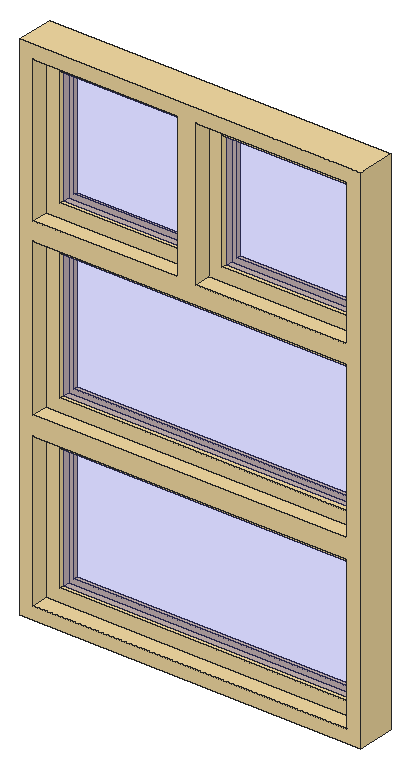
Revit family "4667V-COto 62", category Windows, host Wall, Revit 2016
Family settings
  Host = Wall
  OmniClass Number = 23.30.20.00
  OmniClass Title = Windows
  Always vertical = Yes
  Cut with Voids When Loaded = No
  Shared = No
  Room Calculation Point = No
Parameters (values of type "1188x1788mm")
  top 4 [instance] = yes
  top 3 [instance] = yes
  top 2 [instance] = yes
  top 1 [instance] = yes
  right 4 [instance] = no
  right 2 [instance] = no
  right 1 [instance] = no
  right 3 [instance] = no
  left 4 [instance] = no
  left 3 [instance] = no
  left 2 [instance] = no
  left 1 [instance] = no
  Sash 4 [instance] = or(top 4, right 4, left 4)  # yes
  Sash 3 [instance] = or(top 3, right 3, left 3)  # yes
  Sash 2 [instance] = or(top 2, right 2, left 2)  # yes
  Sash 1 [instance] = or(top 1, right 1, left 1)  # yes
  Rough Width = Width + 2 * Joint  # 1212 mm
  Rough Height = Height + 2 * Joint  # 1812 mm
  Offset from wall = 40 mm
  Mullion 3 Placement = 594 mm
  Mullion 1 Placement = 596 mm
  Mullion 2 Placement = 1192 mm
  Manufacturer = "www.kronevinduer.dk"
  Joint = 12 mm
  Height = 1788 mm
  Frame 176mm [instance] = no
  Frame 157mm [instance] = no
  Default Sill Height = 800 mm
  Wall Closure = By host
  Width = 1188 mm
Reference planes
  plane 1 "Center (Front/Back)": y = 0
  plane 2 "Center (Left/Right)": x = 0
  plane 3 "Left": x = -594
  plane 4 "Right": x = 594
  plane 5 "Sill": z = 800
  plane 6 "Head": z = 2588
  plane 7 "Exterior": y = 100
  plane 8 "Interior": y = -100
  plane 9: y = 60
  plane 10: x = 582
  plane 11: x = -582
  plane 12: z = 812
  plane 13: z = 2576
  plane 14: z = 1694
  plane 15: z = 2004
  plane 16: z = 1408
  plane 17: z = 2290
  plane 18: z = 1706
  plane 19: z = 1110
  plane 20: x = -12
  plane 21: x = 285
  plane 22: x = -297
Forms (mm)
  Sweep 1, solid, material "Wood frame"
    path origin (0, 100, 0) x (1, 0, 0) y (0, 0, 1)
      loop
        line (582, 812) -> (582, 2576) -> (-582, 2576) -> (-582, 812) -> (582, 812)
    profile "COto 62 træ-alu,karm- fast glas 45mm : COto 62 træ-alu,karm- fast glas 45mm" origin (0, 100, 812) x (0, 0, -1) y (0, -1, 0)
      loop
        line (0, 170) -> (-45, 170) -> (-45, 99) -> (-27, 99) -> (-27, 51) -> (-45, 51) -> (-45, 40) -> (0, 40) -> (0, 170)
  Sweep 2, solid, material "Wood frame", visible <- "Frame 157mm"
    path origin (0, 100, 0) x (1, 0, 0) y (0, 0, 1)
      loop
        line (582, 812) -> (582, 2576) -> (-582, 2576) -> (-582, 812) -> (582, 812)
    profile "COto 62 træ-alu,karm- fast glas 45mm-157 : COto 62 træ-alu,karm- fast glas 45mm-157" origin (0, 100, 812) x (0, 0, -1) y (0, -1, 0)
      loop
        line (0, 197) -> (-45, 197) -> (-45, 99) -> (-27, 99) -> (-27, 51) -> (-45, 51) -> (-45, 40) -> (0, 40) -> (0, 197)
  Sweep 3, solid, material "Wood frame", visible <- "Frame 176mm"
    path origin (0, 100, 0) x (1, 0, 0) y (0, 0, 1)
      loop
        line (582, 812) -> (582, 2576) -> (-582, 2576) -> (-582, 812) -> (582, 812)
    profile "COto 62 træ-alu,karm- fast glas 45mm-176 : COto 62 træ-alu,karm- fast glas 45mm-176" origin (0, 100, 812) x (0, 0, -1) y (0, -1, 0)
      loop
        line (0, 216) -> (-45, 216) -> (-45, 99) -> (-27, 99) -> (-27, 51) -> (-45, 51) -> (-45, 40) -> (0, 40) -> (0, 216)
  Extrusion 4, solid, material "Glass"
    sketch origin (-594, 0, 0) x (0, -1, 0) y (0, 0, 1)
      loop
        line (-49, 839) -> (-1, 839) -> (-1, 2549) -> (-49, 2549) -> (-49, 839)
    from -1149 to -39
  Sweep 5, solid, material "Wood frame"
    path origin (0, 100, 0) x (1, 0, 0) y (0, 0, 1)
      loop
        line (582, 2004) -> (-582, 2004)
    profile "COto 62 træ-alu, Post-fast glas 63 mm : COto 62 træ-alu, Post-fast glas 63 mm" origin (0, 100, 2004) x (0, 0, -1) y (0, -1, 0)
      loop
        line (31.5, 170) -> (-31.5, 170) -> (-31.5, 99) -> (-13.5, 99) -> (-13.5, 51) -> (-31.5, 51) -> (-31.5, 40) -> (31.5, 40) -> (31.5, 51) -> (13.5, 51) -> (13.5, 99) -> (31.5, 99) -> (31.5, 170)
  Sweep 6, solid, material "Wood frame"
    path origin (0, 100, 0) x (1, 0, 0) y (0, 0, 1)
      loop
        line (582, 1408) -> (-582, 1408)
    profile "COto 62 træ-alu, Post-fast glas 63 mm : COto 62 træ-alu, Post-fast glas 63 mm" origin (0, 100, 1408) x (0, 0, -1) y (0, -1, 0)
      loop
        line (31.5, 170) -> (-31.5, 170) -> (-31.5, 99) -> (-13.5, 99) -> (-13.5, 51) -> (-31.5, 51) -> (-31.5, 40) -> (31.5, 40) -> (31.5, 51) -> (13.5, 51) -> (13.5, 99) -> (31.5, 99) -> (31.5, 170)
  Sweep 7, solid, material "Wood frame", visible <- "Frame 157mm"
    path origin (0, 100, 0) x (1, 0, 0) y (0, 0, 1)
      loop
        line (582, 2004) -> (-582, 2004)
    profile "COto 62 træ-alu, Post-fast glas 63 mm-157 : COto 62 træ-alu, Post-fast glas 63 mm-157" origin (0, 100, 2004) x (0, 0, -1) y (0, -1, 0)
      loop
        line (31.5, 197) -> (-31.5, 197) -> (-31.5, 99) -> (-13.5, 99) -> (-13.5, 51) -> (-31.5, 51) -> (-31.5, 40) -> (31.5, 40) -> (31.5, 51) -> (13.5, 51) -> (13.5, 99) -> (31.5, 99) -> (31.5, 197)
  Sweep 8, solid, material "Wood frame", visible <- "Frame 157mm"
    path origin (0, 100, 0) x (1, 0, 0) y (0, 0, 1)
      loop
        line (582, 1408) -> (-582, 1408)
    profile "COto 62 træ-alu, Post-fast glas 63 mm-157 : COto 62 træ-alu, Post-fast glas 63 mm-157" origin (0, 100, 1408) x (0, 0, -1) y (0, -1, 0)
      loop
        line (31.5, 197) -> (-31.5, 197) -> (-31.5, 99) -> (-13.5, 99) -> (-13.5, 51) -> (-31.5, 51) -> (-31.5, 40) -> (31.5, 40) -> (31.5, 51) -> (13.5, 51) -> (13.5, 99) -> (31.5, 99) -> (31.5, 197)
  Sweep 9, solid, material "Wood frame", visible <- "Frame 176mm"
    path origin (0, 100, 0) x (1, 0, 0) y (0, 0, 1)
      loop
        line (582, 1408) -> (-582, 1408)
    profile "COto 62 træ-alu, Post-fast glas 63 mm-176 : COto 62 træ-alu, Post-fast glas 63 mm-176" origin (0, 100, 1408) x (0, 0, -1) y (0, -1, 0)
      loop
        line (31.5, 216) -> (-31.5, 216) -> (-31.5, 99) -> (-13.5, 99) -> (-13.5, 51) -> (-31.5, 51) -> (-31.5, 40) -> (31.5, 40) -> (31.5, 51) -> (13.5, 51) -> (13.5, 99) -> (31.5, 99) -> (31.5, 216)
  Sweep 10, solid, material "Wood frame", visible <- "Frame 176mm"
    path origin (0, 100, 0) x (1, 0, 0) y (0, 0, 1)
      loop
        line (582, 2004) -> (-582, 2004)
    profile "COto 62 træ-alu, Post-fast glas 63 mm-176 : COto 62 træ-alu, Post-fast glas 63 mm-176" origin (0, 100, 2004) x (0, 0, -1) y (0, -1, 0)
      loop
        line (31.5, 216) -> (-31.5, 216) -> (-31.5, 99) -> (-13.5, 99) -> (-13.5, 51) -> (-31.5, 51) -> (-31.5, 40) -> (31.5, 40) -> (31.5, 51) -> (13.5, 51) -> (13.5, 99) -> (31.5, 99) -> (31.5, 216)
  Sweep 11, solid, material "Wood frame", visible <- "Sash 1"
    path origin (0, 100, 0) x (1, 0, 0) y (0, 0, 1)
      loop
        line (555, 839) -> (555, 1394.5) -> (-555, 1394.5) -> (-555, 839) -> (555, 839)
    profile "COto 62 træ-alu,opluk-ramme : COto 62 træ-alu,opluk-ramme" origin (0, 100, 839) x (0, 0, -1) y (0, -1, 0)
      loop
        line (0, 99) -> (-18, 99) -> (-18, 114) -> (-63, 114) -> (-63, 99) -> (-45, 99) -> (-45, 51) -> (-63, 51) -> (-63, 40) -> (0, 40) -> (0, 99)
  Sweep 12, solid, material "Wood frame", visible <- "Sash 2"
    path origin (0, 100, 0) x (1, 0, 0) y (0, 0, 1)
      loop
        line (555, 1421.5) -> (555, 1990.5) -> (-555, 1990.5) -> (-555, 1421.5) -> (555, 1421.5)
    profile "COto 62 træ-alu,opluk-ramme : COto 62 træ-alu,opluk-ramme" origin (0, 100, 1421.5) x (0, 0, -1) y (0, -1, 0)
      loop
        line (0, 99) -> (-18, 99) -> (-18, 114) -> (-63, 114) -> (-63, 99) -> (-45, 99) -> (-45, 51) -> (-63, 51) -> (-63, 40) -> (0, 40) -> (0, 99)
  Sweep 13, solid, material "Wood frame"
    path origin (0, 100, 0) x (1, 0, 0) y (0, 0, 1)
      loop
        line (-12, 2576) -> (-12, 2004)
    profile "COto 62 træ-alu, Post-fast glas 63 mm : COto 62 træ-alu, Post-fast glas 63 mm" origin (-12, 100, 2290) x (1, 0, 0) y (0, -1, 0)
      loop
        line (31.5, 170) -> (-31.5, 170) -> (-31.5, 99) -> (-13.5, 99) -> (-13.5, 51) -> (-31.5, 51) -> (-31.5, 40) -> (31.5, 40) -> (31.5, 51) -> (13.5, 51) -> (13.5, 99) -> (31.5, 99) -> (31.5, 170)
  Sweep 14, solid, material "Wood frame", visible <- "Frame 157mm"
    path origin (0, 100, 0) x (1, 0, 0) y (0, 0, 1)
      loop
        line (-12, 2576) -> (-12, 2004)
    profile "COto 62 træ-alu, Post-fast glas 63 mm-157 : COto 62 træ-alu, Post-fast glas 63 mm-157" origin (-12, 100, 2290) x (1, 0, 0) y (0, -1, 0)
      loop
        line (31.5, 197) -> (-31.5, 197) -> (-31.5, 99) -> (-13.5, 99) -> (-13.5, 51) -> (-31.5, 51) -> (-31.5, 40) -> (31.5, 40) -> (31.5, 51) -> (13.5, 51) -> (13.5, 99) -> (31.5, 99) -> (31.5, 197)
  Sweep 15, solid, material "Wood frame", visible <- "Frame 176mm"
    path origin (0, 100, 0) x (1, 0, 0) y (0, 0, 1)
      loop
        line (-12, 2004) -> (-12, 2576)
    profile "COto 62 træ-alu, Post-fast glas 63 mm-176 : COto 62 træ-alu, Post-fast glas 63 mm-176" origin (-12, 100, 2290) x (-1, 0, 0) y (0, -1, 0)
      loop
        line (31.5, 216) -> (-31.5, 216) -> (-31.5, 99) -> (-13.5, 99) -> (-13.5, 51) -> (-31.5, 51) -> (-31.5, 40) -> (31.5, 40) -> (31.5, 51) -> (13.5, 51) -> (13.5, 99) -> (31.5, 99) -> (31.5, 216)
  Sweep 16, solid, material "Wood frame", visible <- "Sash 3"
    path origin (0, 100, 0) x (1, 0, 0) y (0, 0, 1)
      loop
        line (555, 2017.5) -> (555, 2549) -> (1.5, 2549) -> (1.5, 2017.5) -> (555, 2017.5)
    profile "COto 62 træ-alu,opluk-ramme : COto 62 træ-alu,opluk-ramme" origin (278.25, 100, 2017.5) x (0, 0, -1) y (0, -1, 0)
      loop
        line (0, 99) -> (-18, 99) -> (-18, 114) -> (-63, 114) -> (-63, 99) -> (-45, 99) -> (-45, 51) -> (-63, 51) -> (-63, 40) -> (0, 40) -> (0, 99)
  Sweep 17, solid, material "Wood frame", visible <- "Sash 4"
    path origin (0, 100, 0) x (1, 0, 0) y (0, 0, 1)
      loop
        line (-25.5, 2017.5) -> (-25.5, 2549) -> (-555, 2549) -> (-555, 2017.5) -> (-25.5, 2017.5)
    profile "COto 62 træ-alu,opluk-ramme : COto 62 træ-alu,opluk-ramme" origin (-290.25, 100, 2017.5) x (0, 0, -1) y (0, -1, 0)
      loop
        line (0, 99) -> (-18, 99) -> (-18, 114) -> (-63, 114) -> (-63, 99) -> (-45, 99) -> (-45, 51) -> (-63, 51) -> (-63, 40) -> (0, 40) -> (0, 99)
Cuts and joins
  joined: Sweep 1, Sweep 5, Sweep 6, Sweep 13
  joined: Sweep 2, Sweep 7, Sweep 8, Sweep 14
  joined: Sweep 3, Sweep 9, Sweep 10, Sweep 15
Lines and regions (mm)
  Opening 1
    outline origin (3500, -100, 0) x (1, 0, 0) y (0, 0, 1)
      loop
        line (-2906, 800) -> (-2906, 2588) -> (-4094, 2588) -> (-4094, 800) -> (-2906, 800)
  symbolic lines
    curve 1: line (555, 100, 2549) -> (555, 100, 2302)
  symbolic lines, visible <- "top 2"
    curve 2: line (555, 100, 1990.5) -> (0, 100, 1421.5)
    curve 3: line (0, 100, 1421.5) -> (-555, 100, 1990.5)
  symbolic lines, visible <- "top 1"
    curve 4: line (555, 100, 1394.5) -> (0, 100, 839)
    curve 5: line (0, 100, 839) -> (-555, 100, 1394.5)
  symbolic lines, visible <- "left 2"
    curve 6: line (555, 100, 1990.5) -> (-555, 100, 1706)
    curve 7: line (-555, 100, 1706) -> (555, 100, 1421.5)
  symbolic lines, visible <- "right 2"
    curve 8: line (-555, 100, 1990.5) -> (555, 100, 1706)
    curve 9: line (555, 100, 1706) -> (-555, 100, 1421.5)
  symbolic lines, visible <- "left 1"
    curve 10: line (555, 100, 1394.5) -> (-555, 100, 1110)
    curve 11: line (-555, 100, 1110) -> (555, 100, 839)
  symbolic lines, visible <- "right 1"
    curve 12: line (-555, 100, 1394.5) -> (555, 100, 1110)
    curve 13: line (555, 100, 1110) -> (-555, 100, 839)
  symbolic lines, visible <- "top 3"
    curve 14: line (555, 100, 2549) -> (285, 100, 2017.5)
    curve 15: line (285, 100, 2017.5) -> (1.5, 100, 2549)
  symbolic lines, visible <- "top 4"
    curve 16: line (-25.5, 100, 2549) -> (-297, 100, 2017.5)
    curve 17: line (-297, 100, 2017.5) -> (-555, 100, 2549)
  symbolic lines, visible <- "left 3"
    curve 18: line (555, 100, 2549) -> (1.5, 100, 2290)
    curve 19: line (1.5, 100, 2290) -> (555, 100, 2017.5)
  symbolic lines, visible <- "left 4"
    curve 20: line (-25.5, 100, 2549) -> (-555, 100, 2290)
    curve 21: line (-555, 100, 2290) -> (-25.5, 100, 2017.5)
  symbolic lines, visible <- "right 3"
    curve 22: line (1.5, 100, 2549) -> (555, 100, 2290)
    curve 23: line (555, 100, 2290) -> (1.5, 100, 2017.5)
  symbolic lines, visible <- "right 4"
    curve 24: line (-555, 100, 2549) -> (-25.5, 100, 2290)
    curve 25: line (-25.5, 100, 2290) -> (-555, 100, 2017.5)
Text (mm)
  text "EXTERIOR" at (-1963.203, 1332.353, 0), in view "Ref. Level"
  text "INTERIOR" at (-1981.466, -818.386, 0), in view "Ref. Level"
  text "Exterior" at (0, 923.751, 2943.296), in view "Right"
  text "Exterior" at (0, 1040.484, 2685.409), in view "Left"
Dimensions and locks
  equal spacing: plane 3 "Left", plane 2 "Center (Left/Right)", plane 4 "Right"
  "Width": plane 3 "Left" to plane 4 "Right"
  "Height": plane 5 "Sill" to plane 6 "Head"
  "Default Sill Height": plane 5 "Sill" to level
  locked: plane 7 "Exterior" to host wall at 0
  locked: plane 8 "Interior" to host wall
  "Joint": plane 13 to plane 6 "Head"
  "Joint": plane 5 "Sill" to plane 12
  "Joint": plane 3 "Left" to plane 11
  "Joint": plane 10 to plane 4 "Right"
  "Offset from wall": plane 9 to plane 7 "Exterior"
  equal spacing: plane 12, plane 14, plane 13
  "Mullion 1 Placement": plane 12 to plane 16
  equal spacing: plane 15, plane 17, plane 13
  equal spacing: plane 16, plane 18, plane 15
  equal spacing: plane 12, plane 19, plane 16
  "Mullion 3 Placement": plane 20 to plane 10
  equal spacing: plane 20, plane 21, plane 10
  "Mullion 2 Placement": plane 12 to plane 15
  equal spacing: plane 11, plane 22, plane 20
  aligned and locked: plane 12 to Sweep 1 sketch curve
  aligned and locked: plane 10 to Sweep 1 sketch curve
  aligned and locked: Sweep 1 sketch curve to plane 13
  aligned and locked: Sweep 1 sketch curve to plane 11
  aligned and locked: Extrusion 4 sketch curve to Sweep 1  (x2)
  aligned and locked: Extrusion 4 to Sweep 1  (x4)
  aligned and locked: Sweep 11 sketch curve to Extrusion 4  (x2)
  aligned and locked: Sweep 11 sketch curve to cut or joined group of Sweep 1, Sweep 5, Sweep 6, Sweep 13  (x2)
  aligned and locked: Sweep 12 sketch curve to cut or joined group of Sweep 1, Sweep 5, Sweep 6, Sweep 13  (x2)
  aligned and locked: cut or joined group of Sweep 1, Sweep 5, Sweep 6, Sweep 13 to Sweep 12 sketch curve  (x2)
  aligned and locked: Sweep 16 sketch curve to cut or joined group of Sweep 1, Sweep 5, Sweep 6, Sweep 13  (x3)
  aligned and locked: cut or joined group of Sweep 1, Sweep 5, Sweep 6, Sweep 13 to Sweep 16 sketch curve
  aligned and locked: cut or joined group of Sweep 1, Sweep 5, Sweep 6, Sweep 13 to Sweep 17 sketch curve
  aligned and locked: Sweep 17 sketch curve to cut or joined group of Sweep 1, Sweep 5, Sweep 6, Sweep 13
  aligned and locked: Sweep 17 sketch curve to Extrusion 4  (x2)
Automatic sketch dimensions
  Opening 1 sketch curve to plane 3 "Left" = 0 mm
  Opening 1 sketch curve to plane 4 "Right" = 0 mm
  Opening 1 sketch curve to plane 5 "Sill" = 0 mm
  Opening 1 sketch curve to plane 6 "Head" = 0 mm
  plane 11 to Sweep 2 sketch curve = 0 mm
  plane 10 to Sweep 2 sketch curve = 0 mm
  Sweep 2 sketch curve to plane 12 = 0 mm
  Sweep 2 sketch curve to plane 13 = 0 mm
  plane 11 to Sweep 3 sketch curve = 0 mm
  plane 10 to Sweep 3 sketch curve = 0 mm
  Sweep 3 sketch curve to plane 12 = 0 mm
  Sweep 3 sketch curve to plane 13 = 0 mm
  Extrusion 4 sketch curve to plane 5 "Sill" = 39 mm
  plane 6 "Head" to Extrusion 4 sketch curve = 39 mm
  plane 11 to Sweep 5 sketch curve = 0 mm
  plane 10 to Sweep 5 sketch curve = 0 mm
  Sweep 5 sketch curve to plane 15 = 0 mm
  plane 11 to Sweep 6 sketch curve = 0 mm
  plane 10 to Sweep 6 sketch curve = 0 mm
  Sweep 6 sketch curve to plane 16 = 0 mm
  plane 11 to Sweep 7 sketch curve = 0 mm
  plane 10 to Sweep 7 sketch curve = 0 mm
  Sweep 7 sketch curve to plane 15 = 0 mm
  plane 11 to Sweep 8 sketch curve = 0 mm
  plane 10 to Sweep 8 sketch curve = 0 mm
  Sweep 8 sketch curve to plane 16 = 0 mm
  plane 11 to Sweep 9 sketch curve = 0 mm
  plane 10 to Sweep 9 sketch curve = 0 mm
  Sweep 9 sketch curve to plane 16 = 0 mm
  plane 11 to Sweep 10 sketch curve = 0 mm
  plane 10 to Sweep 10 sketch curve = 0 mm
  Sweep 10 sketch curve to plane 15 = 0 mm
  Sweep 13 sketch curve to plane 15 = 0 mm
  plane 20 to Sweep 13 sketch curve = 0 mm
  Sweep 13 sketch curve to plane 13 = 0 mm
  Sweep 14 sketch curve to plane 15 = 0 mm
  plane 20 to Sweep 14 sketch curve = 0 mm
  Sweep 14 sketch curve to plane 13 = 0 mm
  Sweep 15 sketch curve to plane 13 = 0 mm
  plane 20 to Sweep 15 sketch curve = 0 mm
  Sweep 15 sketch curve to plane 15 = 0 mm
  curve 21 to plane 17 = 0 mm
  curve 11 to plane 19 = 0 mm
  curve 6 to plane 18 = 0 mm
  curve 17 to plane 22 = 0 mm
  plane 2 "Center (Left/Right)" to curve 2 = 0 mm
  plane 2 "Center (Left/Right)" to curve 4 = 0 mm
  curve 24 to plane 17 = 0 mm
  curve 19 to plane 17 = 0 mm
  curve 15 to plane 21 = 0 mm
  curve 12 to plane 19 = 0 mm
  curve 22 to plane 17 = 0 mm
  curve 9 to plane 18 = 0 mm
  curve 8 to plane 11 = 27 mm
  curve 7 to plane 11 = 27 mm
  curve 10 to plane 11 = 27 mm
  curve 5 to plane 11 = 27 mm
  curve 17 to plane 11 = 27 mm
  curve 20 to plane 11 = 27 mm
  plane 20 to curve 20 = 13.5 mm
  curve 19 to plane 20 = 13.5 mm
  curve 22 to plane 20 = 13.5 mm
  plane 10 to curve 18 = 27 mm
  plane 10 to curve 4 = 27 mm
  plane 10 to curve 12 = 27 mm
  plane 10 to curve 6 = 27 mm
  curve 1 to curve 22 = 0 mm
  plane 10 to curve 9 = 27 mm
  plane 12 to curve 5 = 27 mm
  curve 4 to plane 16 = 13.5 mm
  curve 5 to plane 16 = 13.5 mm
  plane 16 to curve 3 = 13.5 mm
  curve 2 to plane 15 = 13.5 mm
  curve 3 to plane 15 = 13.5 mm
  plane 15 to curve 14 = 13.5 mm
  plane 15 to curve 17 = 13.5 mm
  curve 22 to plane 13 = 27 mm
  curve 18 to plane 13 = 27 mm
  curve 20 to curve 15 = 0 mm
  curve 24 to plane 13 = 27 mm
  curve 9 to curve 5 = 0 mm
  curve 25 to curve 3 = 0 mm
  curve 13 to plane 11 = 27 mm
  plane 20 to curve 24 = 13.5 mm
  plane 20 to curve 21 = 13.5 mm
  curve 23 to plane 20 = 13.5 mm
  plane 10 to curve 11 = 27 mm
  plane 10 to curve 19 = 27 mm
  plane 10 to curve 7 = 27 mm
  plane 12 to curve 13 = 27 mm
  plane 12 to curve 11 = 27 mm
  plane 16 to curve 7 = 13.5 mm
  plane 16 to curve 9 = 13.5 mm
  plane 15 to curve 23 = 13.5 mm
  plane 15 to curve 25 = 13.5 mm
  plane 15 to curve 21 = 13.5 mm
  plane 15 to curve 19 = 13.5 mm
  curve 22 to curve 1 = 12 mm
